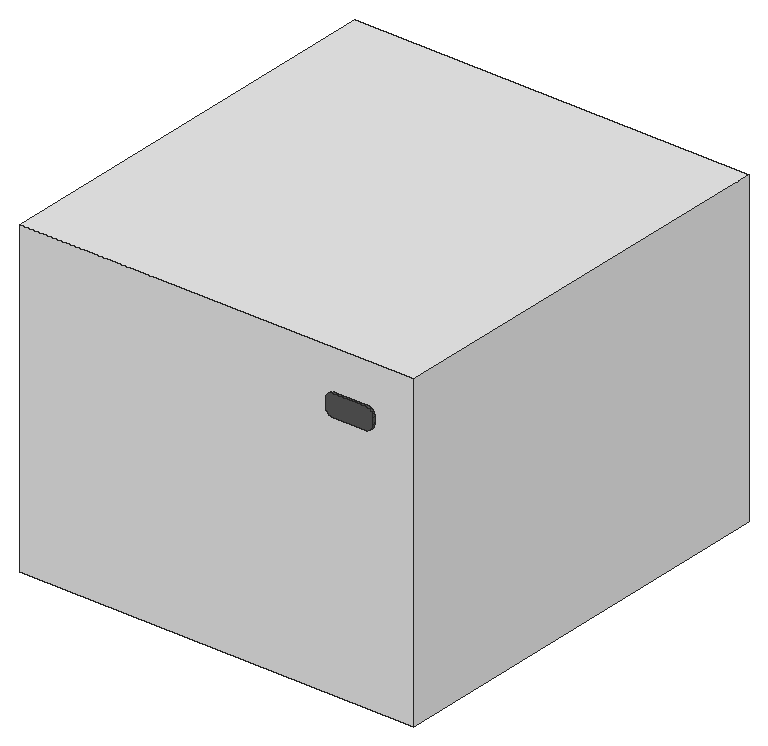
Revit family
Parameters (values of type "175 cup")
  Width = 500 mm
  Type Comments = "requires bench-mount tap"
  Mounting Height [instance] = 150 mm
  Height = 395 mm
  Description = "150 / 175 cup instant boiling /chilled unit"
  Depth = 530 mm
Types (3, lengths in mm): name | Width | Height | Description | Depth
  (no name) | 500 | 395 | "150 / 175 cup instant boiling /chilled unit" | 530
  125 cup | 440 | 337 | "100 / 125 cup instant boiling /chilled unit" | 495
  175 cup | 500 | 395 | "150 / 175 cup instant boiling /chilled unit" | 530
Reference planes
  plane 1 "Center (Front/Back)": y = 44.945
  plane 2: z = 0
  plane 3 "Center (Left/Right)": x = 182.124
  plane 4: x = -67.876
  plane 5: x = 432.124
  plane 6: y = 309.945
  plane 7: y = -220.055
  plane 8: z = 545
  plane 9: z = 150
Forms (mm)
  Extrusion 1, solid, material "HWU Tank"
    sketch origin (0, 0, 0) x (1, 0, 0) y (0, 1, 0)
      loop
        line (-67.876, 309.945) -> (-67.876, -220.055) -> (432.124, -220.055) -> (432.124, 309.945) -> (-67.876, 309.945)
    from 150 to 545
Dimensions and locks
  "Height": plane 8 to plane 9
  "Mounting Height": plane 9 to level
  equal spacing: plane 4, plane 3 "Center (Left/Right)", plane 5
  "Width": plane 4 to plane 5
  equal spacing: plane 7, plane 1 "Center (Front/Back)", plane 6
  "Depth": plane 7 to plane 6
  locked: plane 5 to nested 1 at 80
  locked: plane 8 to nested 1 at 50
  aligned and locked: plane 4 to Extrusion 1 sketch curve
  aligned and locked: plane 6 to Extrusion 1 sketch curve
  aligned and locked: plane 7 to Extrusion 1 sketch curve
  aligned and locked: plane 5 to Extrusion 1 sketch curve
  aligned and locked: Extrusion 1 to plane 8
  aligned and locked: plane 9 to Extrusion 1
  aligned and locked: plane 7 to nested 1
Nested families
  nested 1: "hwu control" at (352.124, -220.055, 467.405), type "hwu control"
Definition of nested family "hwu control"
  Reference planes
    plane 1 "Center (Front/Back)": y = 0
    plane 2: z = 0
    plane 3 "Center (Left/Right)": x = 0
  Forms (mm)
    Extrusion 1, solid, material "HWU Controls"
      sketch origin (38.754, 0, -20) x (1, 0, 0) y (0, 0, 1)
        loop
          line (-58.754, 20) -> (-18.754, 20)
          arc (-18.754, 20) -> (-11.683, 22.929) -> (-8.754, 30) r 10
          line (-8.754, 30) -> (-8.754, 37.595)
          arc (-8.754, 37.595) -> (-11.683, 44.666) -> (-18.754, 47.595) r 10
          line (-18.754, 47.595) -> (-58.754, 47.595)
          arc (-58.754, 47.595) -> (-65.825, 44.666) -> (-68.754, 37.595) r 10
          line (-68.754, 37.595) -> (-68.754, 30)
          arc (-68.754, 30) -> (-65.825, 22.929) -> (-58.754, 20) r 10
      from 0 to 3
